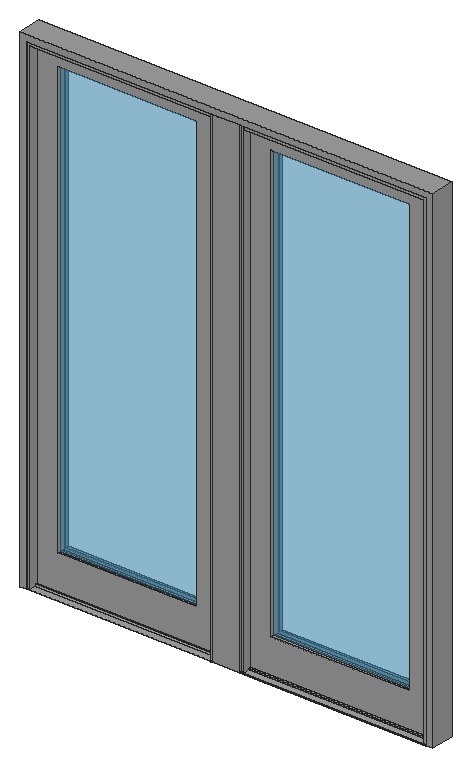
Revit family "AD-375 DOOR-Double-1.56-PD-5.25 CJB-CW_v05", category Curtain Panels, Revit 2015
Parameters
  Width [instance] = 6' - 2"
  URL = "obe.com"
  Rough Width [instance] = 6' - 0"
  Panel Width [instance] = Min Panel Width  # 6' - 5 1/4"
  Panel Offset [instance] = 0' - 0"
  Offset [instance] = 0' - 6"
  Model = "AD-375 DOOR"
  Min Rough Width [instance] = if(Rough Width > 6' 7 3/4", Rough Width, 6' 7 3/4")  # 6' - 7 3/4"
  Min Panel Width [instance] = if(Rough Width > 6' 7 3/4", Rough Width - 0' 2 1/2", 6' 5 1/4")  # 6' - 5 1/4"
  Manufacturer = "Oldcastle BuildingEnvelope®"
  Keynote = "08 11 00"
  Height [instance] = 8' - 0"
  Glass Material = Glass
  Frame Material = Aluminum
  Door Panel Height [instance] = Height - 0' 0 21/32"  # 7' - 11 11/32"
  Description = "AD-375 - 1-9/16\" Door Infill"
  Assembly Code = "B2030"
  Analytic Construction = "<None>"
  6 Bottom Rail [instance] = yes
  10 Bottom Rail [instance] = not([6 Bottom Rail])  # no
Reference planes (in)
  plane 1 "Front": y = 0
  plane 2: z = 0
  plane 3 "Center (Left/Right)": x = 0
  plane 4 "Left": x = -37
  plane 5 "Right": x = 37
  plane 6 "Top": z = 96
  plane 7 "Offset": y = -6
  plane 8: x = -39.875
  plane 9: x = 39.875
Forms (in)
  Sweep 1, solid, material "Aluminum" <- "Frame Material"
    path origin (0, -6, 0) x (-1, 0, 0) y (0, 0, 1)
      loop
        line (-39.875, 96) -> (-39.875, 0)
    profile origin (39.875, -6, 48) x (0, 1, 0) y (-1, 0, 0)
      loop
        line (0, 0) -> (0, 1.25) -> (-2.7624, 1.25) -> (-2.7624, 1.812) -> (-4.3574, 1.812) -> (-4.3574, 1.25) -> (-4.50055, 1.25) -> (-4.50055, 0) -> (0, 0)
  Sweep 2, solid, material "Aluminum" <- "Frame Material"
    path origin (0, -6, 0) x (-1, 0, 0) y (0, 0, 1)
      loop
        line (39.875, 96) -> (39.875, 0)
    profile origin (-39.875, -6, 48) x (0, 1, 0) y (-1, 0, 0)
      loop
        line (0, 0) -> (-4.50055, 0) -> (-4.50055, -1.25) -> (-4.3574, -1.25) -> (-4.3574, -1.812) -> (-2.7624, -1.812) -> (-2.7624, -1.25) -> (0, -1.25) -> (0, 0)
  Sweep 3, solid, material "Aluminum" <- "Frame Material"
    path origin (0, -6, 0) x (-1, 0, 0) y (0, 0, 1)
      loop
        line (39.875, 96) -> (-39.875, 96)
    profile origin (0, -6, 96) x (0, 0, -1) y (0, 1, 0)
      loop
        line (1.25, 0) -> (0, 0) -> (0, -4.50055) -> (1.25, -4.50055) -> (1.25, -4.3574) -> (1.812, -4.3574) -> (1.812, -2.7624) -> (1.25, -2.7624) -> (1.25, 0)
Cuts and joins
  joined: Sweep 1, Sweep 2, Sweep 3
Text (in)
  text "Exterior" at (-54.29358, 31.38743, 0), in view "Ref. Level"
  text "Exterior" at (480, 41.53993, 89.60405), in view "Right"
  text "Exterior" at (-240, 57.82419, 105.78864), in view "Left"
Dimensions and locks (in)
  equal spacing: plane 4 "Left", plane 3 "Center (Left/Right)", plane 5 "Right"
  "Width": plane 4 "Left" to plane 5 "Right"
  "Height": plane 6 "Top" to plane 2
  "Offset": plane 7 "Offset" to plane 1 "Front"
  equal spacing: plane 8, plane 3 "Center (Left/Right)", plane 9
  "Min Rough Width": plane 8 to plane 9
  locked: nested 1 to plane 7 "Offset" at 1.4437
  aligned and locked: level to plane 2
  aligned and locked: plane 3 "Center (Left/Right)" to nested 1
  aligned and locked: plane 2 to Sweep 1 sketch curve
  aligned and locked: plane 6 "Top" to Sweep 1 sketch curve
  aligned and locked: plane 2 to Sweep 2 sketch curve
  aligned and locked: plane 6 "Top" to Sweep 2 sketch curve
  aligned and locked: plane 6 "Top" to Sweep 3 sketch curve
  aligned and locked: plane 8 to Sweep 2 sketch curve
  aligned and locked: Sweep 1 sketch curve to plane 9
  aligned and locked: plane 9 to Sweep 3 sketch curve
  aligned and locked: plane 8 to Sweep 3 sketch curve
Automatic sketch dimensions
  Sweep 2 sketch curve to Sweep 2 sketch curve = 0' - 0.14315"
  Sweep 2 sketch curve to Sweep 2 sketch curve = 0' - 1.595"
  profile plane to Sweep 2 sketch curve = 0' - 1 1/4"  (x2)
  Sweep 2 sketch curve to Sweep 2 sketch curve = 0' - 2.7624"
  Sweep 2 sketch curve to Sweep 2 sketch curve = 0' - 0.562"
  Sweep 2 sketch curve to plane 7 "Offset" = 0' - 0"
  Sweep 2 sketch curve to profile plane = 0' - 0"
  Sweep 1 sketch curve to profile plane = 0' - 1.812"
  profile plane to Sweep 1 sketch curve = 0' - 0"
  Sweep 1 sketch curve to plane 7 "Offset" = 0' - 4.50055"
  Sweep 1 sketch curve to Sweep 1 sketch curve = 0' - 0.14315"
  Sweep 1 sketch curve to Sweep 1 sketch curve = 0' - 1.595"
  Sweep 1 sketch curve to profile plane = 0' - 1 1/4"  (x2)
  Sweep 1 sketch curve to Sweep 1 sketch curve = 0' - 2.7624"
  Sweep 3 sketch curve to profile plane = 0' - 1.812"
  Sweep 3 sketch curve to profile plane = 0' - 1 1/4"  (x2)
  Sweep 3 sketch curve to Sweep 3 sketch curve = 0' - 1 1/4"
  Sweep 3 sketch curve to plane 7 "Offset" = 0' - 4.50055"
  Sweep 3 sketch curve to Sweep 3 sketch curve = 0' - 0.14315"
  Sweep 3 sketch curve to Sweep 3 sketch curve = 0' - 1.595"
  Sweep 3 sketch curve to Sweep 3 sketch curve = 0' - 2.7624"
Nested families (in)
  nested 1: "AD-375 DOOR-Double-1.56-PD-Panel_v04" at (0, -25, 0), Frame Material <- "Frame Material", Glass Material <- "Glass Material", 6 Bottom Rail <- "6 Bottom Rail", Height <- "Door Panel Height", Width <- "Min Panel Width", type "AD-375 DOOR-Double-1.56-PD-Panel_v04"
    with built-in parameter 1001301 6' - 5 1/4", Offset 0' - 1", built-in parameter 1001300 7' - 11 11/32", Glass Material Glass, Frame Material Aluminum, Bottom Rail 0' - 6 19/32", 6 Bottom Rail yes, 10 Bottom Rail no
Definition of nested family "AD-375 DOOR-Double-1.56-PD-Panel_v04"
  Parameters (values of type "AD-375 DOOR-Double-1.56-PD-Panel_v04")
    Width [instance] = 6' - 0"
    Offset [instance] = 0' - 6"
    Height [instance] = 8' - 0"
    Glass Material [instance] = none
    Frame Material [instance] = none
    Bottom Rail [instance] = if([10 Bottom Rail], 0' 10 19/32", 0' 6 19/32")  # 0' - 6 19/32"
    Analytic Construction = "<None>"
    6 Bottom Rail [instance] = yes
    10 Bottom Rail [instance] = not([6 Bottom Rail])  # no
  Reference planes (in)
    plane 1 "00": y = 12.5563
    plane 2: z = 0
    plane 3 "Center (Left/Right)": x = 0
    plane 4: z = 96
    plane 5: x = -36
    plane 6: x = 36
    plane 7 "Center (Front/Back)": y = 20
    plane 8 "Exterior": y = 13.3378
    plane 9: z = 48
    plane 10: z = 6.59375
    plane 11: z = 92.46875
    plane 12: z = 0
    plane 13: x = -31.87499
    plane 14: x = 31.87499
    plane 15: y = 14
  Forms (in)
    Sweep 1, solid, material <- "Frame Material"
      path origin (0, 12.5563, 0) x (1, 0, 0) y (0, 0, 1)
        loop
          line (-35.92983, 96) -> (-2.625, 96)
      profile origin (-19.27742, 12.5563, 96) x (0, 0, 1) y (0, -1, 0)
        loop
          line (-0.59375, -1.3187) -> (-0.59375, 1.3187) -> (-3.96875, 1.3187) -> (-3.96875, 0.78148) -> (-3.53125, 0.78148) -> (-3.53125, -0.78152) -> (-3.96875, -0.78152) -> (-3.96875, -1.3187) -> (-0.59375, -1.3187)
    Sweep 2, solid, material <- "Frame Material"
      path origin (0, 12.5563, 0) x (1, 0, 0) y (0, 0, 1)
        loop
          line (-3.187, 0) -> (-35.92983, 0)
      profile origin (-19.55842, 12.5563, 0) x (0, 0, -1) y (0, -1, 0)
        loop
          line (-0.375, 1.3187) -> (-7.125, 1.3187) -> (-7.125, 0.7815) -> (-6.59375, 0.7815) -> (-6.59375, -0.7815) -> (-7.125, -0.7815) -> (-7.125, -1.3187) -> (-0.375, -1.3187) -> (-0.375, 1.3187)
    Sweep 3, solid, material <- "Frame Material"
      path origin (0, 12.5563, 0) x (1, 0, 0) y (0, 0, 1)
        loop
          line (36, 95.40625) -> (36, 0.375)
      profile origin (36, 12.5563, 47.89062) x (0, -1, 0) y (1, 0, 0)
        loop
          line (-1.3187, -4.56251) -> (-0.7815, -4.56251) -> (-0.7815, -4.12501) -> (0.7815, -4.12501) -> (0.7815, -4.56251) -> (1.31797, -4.56251) -> (1.31797, -0.06834) -> (-1.3187, -0.06834) -> (-1.3187, -4.56251)
    Sweep 4, solid, material <- "Frame Material"
      path origin (0, 12.5563, 0) x (1, 0, 0) y (0, 0, 1)
        loop
          line (-36, 95.40625) -> (-36, 0.375)
      profile origin (-36, 12.5563, 47.89062) x (0, -1, 0) y (1, 0, 0)
        loop
          line (-1.3187, 4.56251) -> (-1.3187, 0.07017) -> (1.3187, 0.07017) -> (1.3187, 4.56251) -> (0.7815, 4.56251) -> (0.7815, 4.12501) -> (-0.7815, 4.12501) -> (-0.7815, 4.56251) -> (-1.3187, 4.56251)
    Sweep 5, solid, material <- "Frame Material"
      path origin (0, 12.5563, 0) x (1, 0, 0) y (0, 0, 1)
        loop
          line (0, 95.40625) -> (0, 0.375)
      profile origin (0, 12.5563, 47.89062) x (0, -1, 0) y (1, 0, 0)
        loop
          line (-1.3187, -7.21871) -> (-0.7815, -7.21871) -> (-0.7815, -6.78121) -> (0.7815, -6.78121) -> (0.7815, -7.21871) -> (1.31797, -7.21871) -> (1.31797, -2.6248) -> (-1.3187, -2.6248) -> (-1.3187, -7.21871)
        loop
          line (1.3187, 7.21871) -> (0.7815, 7.21871) -> (0.7815, 6.78121) -> (-0.7815, 6.78121) -> (-0.7815, 7.21871) -> (-1.3187, 7.21871) -> (-1.3187, 2.6248) -> (1.3187, 2.6248) -> (1.3187, 7.21871)
    Sweep 6, solid, material <- "Frame Material"
      path origin (0, 12.5563, 0) x (1, 0, 0) y (0, 0, 1)
        loop
          line (2.625, 96) -> (35.93166, 96)
      profile origin (19.27833, 12.5563, 96) x (0, 0, 1) y (0, -1, 0)
        loop
          line (-0.59375, -1.3187) -> (-0.59375, 1.3187) -> (-2.30843, 1.3187) -> (-3.96875, 1.3187) -> (-3.96875, 0.78148) -> (-3.53125, 0.78148) -> (-3.53125, -0.78152) -> (-3.96875, -0.78152) -> (-3.96875, -1.3187) -> (-2.30843, -1.3187) -> (-0.59375, -1.3187)
    Sweep 7, solid, material <- "Frame Material"
      path origin (0, 12.5563, 0) x (1, 0, 0) y (0, 0, 1)
        loop
          line (35.93166, 0) -> (3.187, 0)
      profile origin (19.55933, 12.5563, 0) x (0, 0, -1) y (0, -1, 0)
        loop
          line (-3.49593, -1.3187) -> (-0.375, -1.3187) -> (-0.375, 1.31797) -> (-7.125, 1.31797) -> (-7.125, 0.7815) -> (-6.59375, 0.7815) -> (-6.59375, -0.7815) -> (-7.125, -0.7815) -> (-7.125, -1.3187) -> (-3.49593, -1.3187)
    Extrusion 8, solid, material <- "Glass Material", detail levels medium+fine
      sketch origin (0, 0, 0) x (1, 0, 0) y (0, 1, 0)
        loop
          line (6.78121, 13.3378) -> (6.78121, 13.0878) -> (31.87499, 13.0878) -> (31.87499, 13.3378) -> (6.78121, 13.3378)
        loop
          line (31.87499, 11.7748) -> (31.87499, 12.0563) -> (6.78146, 12.0563) -> (6.78146, 11.7748) -> (31.87499, 11.7748)
        loop
          line (6.78121, 12.67924) -> (6.78121, 12.43153) -> (31.87499, 12.43153) -> (31.87499, 12.67924) -> (6.78121, 12.67924)
      from 6.59375 to 92.46875
    Extrusion 9, solid, material <- "Glass Material", detail levels coarse
      sketch origin (0, 0, 0) x (1, 0, 0) y (0, 1, 0)
        loop
          line (6.78121, 13.3378) -> (6.78121, 11.7748) -> (31.87499, 11.7748) -> (31.87499, 13.3378) -> (6.78121, 13.3378)
      from 6.59375 to 92.46875
    Extrusion 10, solid, material <- "Glass Material", detail levels coarse
      sketch origin (0, 0, 0) x (1, 0, 0) y (0, 1, 0)
        loop
          line (-31.87499, 13.3378) -> (-31.87499, 11.7748) -> (-6.78121, 11.7748) -> (-6.78121, 13.3378) -> (-31.87499, 13.3378)
      from 6.59375 to 92.46875
    Extrusion 11, solid, material <- "Glass Material", detail levels medium+fine
      sketch origin (0, 0, 0) x (1, 0, 0) y (0, 1, 0)
        loop
          line (-31.87499, 13.3378) -> (-31.87499, 13.0898) -> (-6.78121, 13.0898) -> (-6.78121, 13.3378) -> (-31.87499, 13.3378)
        loop
          line (-31.87499, 12.0228) -> (-31.87499, 11.7748) -> (-6.78121, 11.7748) -> (-6.78121, 12.0228) -> (-31.87499, 12.0228)
        loop
          line (-31.87524, 12.6803) -> (-31.87524, 12.4323) -> (-6.78146, 12.4323) -> (-6.78146, 12.6803) -> (-31.87524, 12.6803)
      from 6.59375 to 92.46875
    Sweep 12, solid, material <- "Frame Material"
      path origin (0, 12.5563, 0) x (1, 0, 0) y (0, 0, 1)
        loop
          line (0, 95.40625) -> (0, 0)
      profile origin (0, 12.5563, 47.70312) x (0, -1, 0) y (1, 0, 0)
        loop
          line (-1.4437, 2.625) -> (-1.4437, -2.625) -> (1.3187, -2.625) -> (1.3187, -3.187) -> (2.9137, -3.187) -> (2.9137, -2.625) -> (3.0573, -2.625) -> (3.0573, 2.625) -> (2.9137, 2.625) -> (2.9137, 3.187) -> (1.3187, 3.187) -> (1.3187, 2.625) -> (-1.4437, 2.625)
    Sweep 13, solid, material <- "Frame Material"
      path origin (0, 12.5563, 0) x (1, 0, 0) y (0, 0, 1)
        loop
          line (35.93166, 0) -> (2.6248, 0)
      profile origin (19.27823, 12.5563, 0) x (0, 0, -1) y (0, -1, 0)
        loop
          line (-0.256, -0.69424) -> (-0.1262, -1.33797)
          arc (-0.1262, -1.33797) -> (-0.07849, -1.40967) -> (0, -1.44512) r 0.156
          line (0, -1.44512) -> (0, 3.05587) -> (-0.06628, 3.05587)
          arc (-0.06628, 3.05587) -> (-0.08866, 3.04747) -> (-0.09997, 3.02642) r 0.034
          line (-0.09997, 3.02642) -> (-0.256, 1.86987) -> (-0.506, 1.73387) -> (-0.506, 1.3187) -> (-0.256, 1.3187) -> (-0.256, -0.69424)
    Sweep 14, solid, material <- "Frame Material"
      path origin (0, 12.5563, 0) x (1, 0, 0) y (0, 0, 1)
        loop
          line (-2.6248, 0) -> (-35.92983, 0)
      profile origin (-19.27732, 12.5563, 0) x (0, 0, -1) y (0, -1, 0)
        loop
          arc (-0.1262, -1.33797) -> (-0.07849, -1.40967) -> (0, -1.44512) r 0.156
          line (0, -1.44512) -> (0, 3.05587) -> (-0.06628, 3.05587)
          arc (-0.06628, 3.05587) -> (-0.08866, 3.04747) -> (-0.09997, 3.02642) r 0.034
          line (-0.09997, 3.02642) -> (-0.256, 1.86987) -> (-0.506, 1.73387) -> (-0.506, 1.3187) -> (-0.256, 1.3187) -> (-0.256, -0.69424) -> (-0.1262, -1.33797)
  Cuts and joins
    joined: Sweep 1, Sweep 2, Sweep 3, Sweep 4, Sweep 5, Sweep 6, Sweep 7
  Lines and regions (in)
    model lines
      curve 1: line (7.21871, 13.3378, 92.03125) -> (31.43749, 13.3378, 48)
      curve 2: line (31.43749, 13.3378, 48) -> (7.21871, 13.3378, 7.125)
      curve 3: line (-7.21871, 13.3378, 92.03125) -> (-31.43749, 13.3378, 48)
      curve 4: line (-31.43749, 13.3378, 48) -> (-7.21871, 13.3378, 7.125)
  Dimensions and locks (in)
    "Height": plane 4 to level
    "Offset": plane 15 to plane 7 "Center (Front/Back)"
    plane 1 "00" to plane 8 "Exterior" to plane 15 = 0' - 0.7815" locked, 0' - 0.6622" locked
    equal spacing: level, plane 9, plane 4
    locked: plane 3 "Center (Left/Right)" to Sweep 2 sketch curve at 3.187
    locked: Sweep 3 sketch curve to plane 4 at 0.59375
    locked: Sweep 4 sketch curve to plane 4 at 0.59375
    locked: plane 3 "Center (Left/Right)" to Sweep 1 sketch curve at 2.625
    locked: Sweep 6 sketch curve to plane 3 "Center (Left/Right)" at 2.625
    locked: Sweep 7 sketch curve to plane 3 "Center (Left/Right)" at 3.187
    locked: Sweep 5 sketch curve to plane 4 at 0.59375
    locked: Sweep 7 sketch curve to plane 10 at 0.53125  (x2)
    locked: Sweep 2 sketch curve to plane 10 at 0.53125  (x2)
    equal spacing: plane 4, plane 9, plane 12
    locked: plane 4 to plane 11 at 3.53125
    "Bottom Rail": plane 10 to plane 12
    locked: plane 5 to plane 13 at 4.12501
    locked: plane 14 to plane 6 at 4.12501
    locked: Sweep 2 sketch curve to plane 5 at 0.07017
    locked: plane 6 to Sweep 7 sketch curve at 0.06834
    locked: plane 6 to Sweep 6 sketch curve at 0.06834
    locked: Sweep 1 sketch curve to plane 5 at 0.07017
    equal spacing: plane 5, plane 3 "Center (Left/Right)", plane 6
    "Width": plane 5 to plane 6
    locked: plane 4 to Sweep 12 sketch curve at 0.59375
    locked: plane 6 to Sweep 13 sketch curve at 0.06834
    locked: Sweep 13 sketch curve to plane 3 "Center (Left/Right)" at 2.6248
    locked: plane 3 "Center (Left/Right)" to Sweep 14 sketch curve at 2.6248
    locked: Sweep 14 sketch curve to plane 5 at 0.07017
    locked: plane 12 to Sweep 4 sketch curve at 0.375
    locked: plane 12 to Sweep 5 sketch curve at 0.375
    locked: plane 12 to Sweep 3 sketch curve at 0.375
    aligned and locked: plane 2 to level
    aligned and locked: Sweep 1 sketch curve to plane 4
    aligned and locked: plane 3 "Center (Left/Right)" to Sweep 5 sketch curve
    aligned and locked: Sweep 7 sketch curve to level
    aligned and locked: plane 4 to Sweep 6 sketch curve
    aligned and locked: plane 11 to Extrusion 10
    aligned and locked: plane 11 to Extrusion 11
    aligned and locked: plane 11 to Extrusion 8
    aligned and locked: plane 11 to Extrusion 9
    aligned and locked: Sweep 6 sketch curve to plane 11
    aligned and locked: plane 10 to Sweep 2 sketch curve
    aligned and locked: Sweep 1 sketch curve to plane 11
    aligned and locked: Extrusion 8 to plane 10
    aligned and locked: Extrusion 9 to plane 10
    aligned and locked: Extrusion 11 to plane 10
    aligned and locked: Extrusion 10 to plane 10
    aligned and locked: Extrusion 11 to plane 13  (x2)
    aligned and locked: Extrusion 10 to plane 13
    aligned and locked: plane 14 to Extrusion 9
    aligned and locked: plane 14 to Extrusion 8  (x2)
    aligned and locked: Sweep 7 sketch curve to plane 1 "00"
    aligned and locked: plane 12 to Sweep 2 sketch curve
    aligned and locked: Sweep 12 sketch curve to plane 3 "Center (Left/Right)"
    aligned and locked: plane 9 to curve 2
    aligned and locked: curve 3 to cut or joined group of Sweep 1, Sweep 2, Sweep 3, Sweep 4, Sweep 5, Sweep 6, Sweep 7
    aligned and locked: cut or joined group of Sweep 1, Sweep 2, Sweep 3, Sweep 4, Sweep 5, Sweep 6, Sweep 7 to curve 2
    aligned and locked: cut or joined group of Sweep 1, Sweep 2, Sweep 3, Sweep 4, Sweep 5, Sweep 6, Sweep 7 to curve 1
    aligned and locked: Sweep 13 sketch curve to plane 12
    aligned and locked: Sweep 14 sketch curve to plane 12
  Automatic sketch dimensions
    Sweep 3 sketch curve to plane 6 = 0' - 0"
    Sweep 4 sketch curve to plane 5 = 0' - 0"
    Sweep 12 sketch curve to level = 0' - 0"
    Sweep 12 sketch curve to plane 1 "00" = 0' - 1.4437"
    plane 1 "00" to Sweep 12 sketch curve = 0' - 1.3187"  (x2)
    Sweep 12 sketch curve to Sweep 12 sketch curve = 0' - 1.595"  (x2)
    Sweep 12 sketch curve to Sweep 12 sketch curve = 0' - 0.1436"
    profile plane to Sweep 12 sketch curve = 0' - 3.187"
    profile plane to Sweep 12 sketch curve = 0' - 2 5/8"
    Sweep 12 sketch curve to Sweep 12 sketch curve = 0' - 0.562"  (x2)
    Sweep 12 sketch curve to profile plane = 0' - 2 5/8"  (x2)
    Sweep 4 sketch curve to plane 1 "00" = 0' - 1.3187"
    Sweep 4 sketch curve to Sweep 4 sketch curve = 0' - 0.5372"  (x2)
    plane 1 "00" to Sweep 4 sketch curve = 0' - 0.7815"
    Sweep 4 sketch curve to profile plane = 0' - 0.07017"
    Sweep 4 sketch curve to Sweep 4 sketch curve = 0' - 4.05484"
    Sweep 4 sketch curve to Sweep 4 sketch curve = 0' - 0 7/16"  (x2)
    Sweep 5 sketch curve to plane 1 "00" = 0' - 1.3187"  (x2)
    Sweep 5 sketch curve to Sweep 5 sketch curve = 0' - 0.5372"  (x3)
    plane 1 "00" to Sweep 5 sketch curve = 0' - 0.7815"  (x2)
    Sweep 5 sketch curve to Sweep 5 sketch curve = 0' - 0.53647"
    profile plane to Sweep 5 sketch curve = 0' - 7.21871"
    Sweep 5 sketch curve to Sweep 5 sketch curve = 0' - 0"
    Sweep 5 sketch curve to Sweep 5 sketch curve = 0' - 0 7/16"  (x3)
    profile plane to Sweep 5 sketch curve = 0' - 2.6248"
    Sweep 5 sketch curve to profile plane = 0' - 2.6248"
    Sweep 5 sketch curve to Sweep 5 sketch curve = 0' - 4.15641"
    Sweep 3 sketch curve to plane 1 "00" = 0' - 1.3187"
    Sweep 3 sketch curve to Sweep 3 sketch curve = 0' - 0.5372"
    plane 1 "00" to Sweep 3 sketch curve = 0' - 0.7815"
    Sweep 3 sketch curve to Sweep 3 sketch curve = 0' - 0.53647"
    profile plane to Sweep 3 sketch curve = 0' - 4 9/16"
    Sweep 3 sketch curve to Sweep 3 sketch curve = 0' - 0"
    Sweep 3 sketch curve to Sweep 3 sketch curve = 0' - 0 7/16"
    profile plane to Sweep 3 sketch curve = 0' - 0.06834"
    Sweep 7 sketch curve to Sweep 7 sketch curve = 0' - 0 17/32"
    Sweep 7 sketch curve to plane 1 "00" = 0' - 1.3187"
    Sweep 7 sketch curve to Sweep 7 sketch curve = 0' - 3.09782"
    Sweep 7 sketch curve to Sweep 7 sketch curve = 0' - 0.5372"
    plane 1 "00" to Sweep 7 sketch curve = 0' - 0.7815"
    plane 1 "00" to Sweep 7 sketch curve = 0' - 1.31797"
    Sweep 6 sketch curve to Sweep 6 sketch curve = 0' - 0 7/16"  (x2)
    Sweep 6 sketch curve to Sweep 6 sketch curve = 0' - 1.22282"  (x2)
    profile plane to Sweep 6 sketch curve = 0' - 0 19/32"
    Sweep 6 sketch curve to plane 1 "00" = 0' - 1.3187"
    Sweep 6 sketch curve to Sweep 6 sketch curve = 0' - 0.53718"
    plane 1 "00" to Sweep 6 sketch curve = 0' - 0.78148"
    plane 1 "00" to Sweep 6 sketch curve = 0' - 1.3187"
    Sweep 1 sketch curve to Sweep 1 sketch curve = 0' - 0 7/16"  (x2)
    profile plane to Sweep 1 sketch curve = 0' - 0 19/32"
    Sweep 1 sketch curve to plane 1 "00" = 0' - 1.3187"
    Sweep 1 sketch curve to Sweep 1 sketch curve = 0' - 0.53718"
    plane 1 "00" to Sweep 1 sketch curve = 0' - 0.78148"
    plane 1 "00" to Sweep 1 sketch curve = 0' - 1.3187"
    Sweep 2 sketch curve to Sweep 2 sketch curve = 0' - 0.5372"  (x2)
    plane 1 "00" to Sweep 2 sketch curve = 0' - 0.7815"
    Extrusion 11 sketch curve to plane 13 = 0' - 0"  (x2)
    Extrusion 11 sketch curve to plane 13 = 0' - 0.00025"
    Extrusion 11 sketch curve to plane 1 "00" = 0' - 0.124"
    Extrusion 11 sketch curve to plane 3 "Center (Left/Right)" = 0' - 6.78146"
    Extrusion 11 sketch curve to plane 8 "Exterior" = 0' - 0"
    Extrusion 11 sketch curve to Extrusion 11 sketch curve = 0' - 0.00025"  (x2)
    plane 1 "00" to Extrusion 11 sketch curve = 0' - 0.124"
    Extrusion 11 sketch curve to Extrusion 11 sketch curve = 0' - 0.4095"
    Extrusion 11 sketch curve to Extrusion 11 sketch curve = 0' - 0.248"
    plane 8 "Exterior" to Extrusion 11 sketch curve = 0' - 0.248"
    Extrusion 10 sketch curve to plane 13 = 0' - 0"
    plane 8 "Exterior" to Extrusion 10 sketch curve = 0' - 0"
    Extrusion 10 sketch curve to plane 3 "Center (Left/Right)" = 0' - 6.78121"
    plane 1 "00" to Extrusion 10 sketch curve = 0' - 0.7815"
    plane 8 "Exterior" to Extrusion 8 sketch curve = 0' - 0"
    Extrusion 8 sketch curve to plane 14 = 0' - 0"  (x3)
    plane 1 "00" to Extrusion 8 sketch curve = 0' - 0.7815"
    plane 3 "Center (Left/Right)" to Extrusion 8 sketch curve = 0' - 6.78146"
    Extrusion 8 sketch curve to Extrusion 8 sketch curve = 0' - 0.00025"  (x2)
    plane 1 "00" to Extrusion 8 sketch curve = 0' - 0.12477"
    Extrusion 8 sketch curve to Extrusion 8 sketch curve = 0' - 0.2815"
    Extrusion 8 sketch curve to plane 1 "00" = 0' - 0.12294"
    Extrusion 8 sketch curve to Extrusion 8 sketch curve = 0' - 0 1/4"
    plane 8 "Exterior" to Extrusion 9 sketch curve = 0' - 0"
    Extrusion 9 sketch curve to plane 14 = 0' - 0"
    plane 3 "Center (Left/Right)" to Extrusion 9 sketch curve = 0' - 6.78121"
    plane 1 "00" to Extrusion 9 sketch curve = 0' - 0.7815"
    curve 4 to plane 9 = 0' - 0"
    plane 13 to curve 3 = 0' - 0 7/16"
    curve 2 to plane 14 = 0' - 0 7/16"
    plane 10 to curve 4 = 0' - 0 17/32"
    curve 4 to plane 3 "Center (Left/Right)" = 0' - 7.21871"
    curve 1 to plane 11 = 0' - 0 7/16"
    plane 10 to curve 2 = 0' - 0 17/32"
    curve 3 to plane 11 = 0' - 0 7/16"
    profile plane to Sweep 7 sketch curve = 0' - 0 3/8"
    profile plane to Sweep 2 sketch curve = 0' - 0 3/8"
    Sweep 2 sketch curve to plane 1 "00" = 0' - 0.7815"
    profile plane to Sweep 13 sketch curve = 0' - 0.256"  (x2)
    Sweep 13 sketch curve to plane 1 "00" = 0' - 0.69424"
    profile plane to Sweep 13 sketch curve = 0' - 0.1262"
    Sweep 13 sketch curve to Sweep 13 sketch curve = 0' - 0.64374"
    plane 1 "00" to Sweep 13 sketch curve = 0' - 1.3187"
    Sweep 13 sketch curve to profile plane = 0' - 0.02248"
    Sweep 13 sketch curve to Sweep 13 sketch curve = 0' - 0.04722"
    Sweep 13 sketch curve to Sweep 13 sketch curve = 0' - 1.73717"
    Sweep 13 sketch curve to Sweep 13 sketch curve = 0' - 0 1/4"
    Sweep 13 sketch curve to Sweep 13 sketch curve = 0' - 0.41517"
    Sweep 13 sketch curve to Sweep 13 sketch curve = 0' - 0.136"
    profile plane to Sweep 13 sketch curve = 0' - 0.09997"
    Sweep 13 sketch curve to Sweep 13 sketch curve = 0' - 0.02945"
    Sweep 13 sketch curve to Sweep 13 sketch curve = 0' - 0.00455"
    Sweep 13 sketch curve to profile plane = 0' - 0"
    profile plane to Sweep 14 sketch curve = 0' - 0.1262"
    profile plane to Sweep 14 sketch curve = 0' - 0.256"  (x2)
    Sweep 14 sketch curve to Sweep 14 sketch curve = 0' - 0 1/4"
    Sweep 14 sketch curve to profile plane = 0' - 0.02248"
    Sweep 14 sketch curve to plane 1 "00" = 0' - 1.33797"
    Sweep 14 sketch curve to Sweep 14 sketch curve = 0' - 0.04722"
    Sweep 14 sketch curve to Sweep 14 sketch curve = 0' - 0.64374"
    plane 1 "00" to Sweep 14 sketch curve = 0' - 1.73387"
    Sweep 14 sketch curve to Sweep 14 sketch curve = 0' - 0.136"
    plane 1 "00" to Sweep 14 sketch curve = 0' - 1.3187"
    Sweep 14 sketch curve to Sweep 14 sketch curve = 0' - 0.00455"
    profile plane to Sweep 14 sketch curve = 0' - 0.06628"
    Sweep 14 sketch curve to Sweep 14 sketch curve = 0' - 1.152"
    Sweep 14 sketch curve to Sweep 14 sketch curve = 0' - 0.034"
    Sweep 14 sketch curve to profile plane = 0' - 0"
